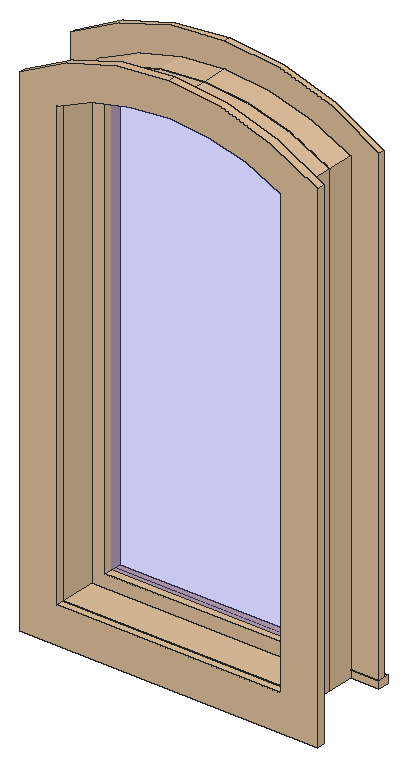
Revit family
Parameters (values of type "24" x 48"")
  Assembly Code = "B2020100"
  Glass Pane Material = Glass
  Height = 4' - 0"
  Radius = Width  # 2' - 0"
  Sash Material = Sash
  Default Sill Height = 3' - 0"
  Trim Exterior Material = Trim
  Trim Interior Material = Trim
  Trim Projection - Ext. = 0' - 0 1/2"
  Trim Projection - Int. = 0' - 0 3/4"
  Trim Width - Exterior = 0' - 3 1/2"
  Trim Width - Interior = 0' - 3 1/2"
  Wall Closure = (empty or 0)
  Width = 2' - 0"
Types (7): name | Height | Radius | Default Sill Height | Width
  (no name) | 4' - 0" | 2' - 0" | 3' - 0" | 2' - 0"
  24" x 24" | 2' - 0" | 2' - 0" | 3' - 0" | 2' - 0"
  24" x 60" | 5' - 0" | 2' - 0" | 2' - 0" | 2' - 0"
  24" x 48" | 4' - 0" | 2' - 0" | 3' - 0" | 2' - 0"
  72" x 48" | 4' - 0" | 6' - 0" | 1' - 0" | 6' - 0"
  36" x 48" | 4' - 0" | 3' - 0" | 2' - 0" | 3' - 0"
  30" x 60" | 5' - 0" | 2' - 6" | 2' - 0" | 2' - 6"
Reference planes (in)
  plane 1: y = 0
  plane 2 "Center": x = 0.47167
  plane 3 "Sill": z = 36
  plane 4: z = 60
  plane 5: x = 12.47167
  plane 6 "Right": x = -11.52833
  plane 7 "Top": z = 84
  plane 8: x = -10.27833
  plane 9: x = -10.77833
  plane 10: x = -13.77833
  plane 11: x = -14.27833
  plane 12: x = 11.22167
  plane 13: x = 11.72167
  plane 14: x = 14.72167
  plane 15: x = 15.22167
  plane 16: z = 86.75
  plane 17: z = 86.25
  plane 18: z = 83.25
  plane 19: z = 82.75
  plane 20: z = 37.25
  plane 21: z = 33.75
  plane 22 "Closure": y = 1.125
  plane 23: y = 0.5
Forms (in)
  Extrusion 1, solid, material "Sash" <- "Sash Material"
    sketch origin (0.47167, 0, 0) x (1, 0, 0) y (0, 0, 1)
      loop
        line (-12, 80.78461) -> (-12, 36) -> (12, 36) -> (12, 80.78461)
        arc (12, 80.78461) -> (6.21166, 83.18222) -> (0, 84) r 24
        arc (0, 84) -> (-6.21166, 83.18222) -> (-12, 80.78461) r 24
      loop
        line (-11.25, 80.43055) -> (-11.25, 36.75) -> (11.25, 36.75) -> (11.25, 80.43055)
        arc (11.25, 80.43055) -> (5.80796, 82.58843) -> (0, 83.32316) r 23.32316
        arc (0, 83.32316) -> (-5.80796, 82.58843) -> (-11.25, 80.43055) r 23.32316
    from -3 to -0.5
  Extrusion 2, solid, material "Sash" <- "Sash Material"
    sketch origin (0.47167, 0, 0) x (-1, 0, 0) y (0, 0, 1)
      loop
        line (-12, 80.78461) -> (-12, 36) -> (12, 36) -> (12, 80.78461)
        arc (12, 80.78461) -> (6.21166, 83.18222) -> (0, 84) r 24
        arc (0, 84) -> (-6.21166, 83.18222) -> (-12, 80.78461) r 24
      loop
        line (-10.75, 80.19222) -> (-10.75, 37.25) -> (10.75, 37.25) -> (10.75, 80.19222)
        arc (10.75, 80.19222) -> (5.53991, 82.19454) -> (0, 82.8755) r 22.8755
        arc (0, 82.8755) -> (-5.53991, 82.19454) -> (-10.75, 80.19222) r 22.8755
    from 0.5 to -3
  Extrusion 3, solid, material "Glass" <- "Glass Pane Material"
    sketch origin (-4.44843, 3, -4.60771) x (1, 0, 0) y (0, 0, 1)
      loop
        line (-4.5799, 84.04583) -> (-4.5799, 43.10771) -> (14.4201, 43.10771) -> (14.4201, 84.04583)
        arc (14.4201, 84.04583) -> (9.7955, 85.68663) -> (4.9201, 86.24311) r 21.6354
        arc (4.9201, 86.24311) -> (0.0447, 85.68663) -> (-4.5799, 84.04583) r 21.6354
    from 1.375 to 1.875
  Extrusion 4, solid, material "Trim" <- "Trim Interior Material"
    sketch origin (0.47167, 0, 0) x (1, 0, 0) y (0, 0, 1)
      loop
        line (-10.75, 80.04994) -> (-10.75, 37.25) -> (10.75, 37.25) -> (10.75, 80.04994)
        arc (10.75, 80.04994) -> (5.54195, 82.06466) -> (0, 82.75) r 22.75
        arc (0, 82.75) -> (-5.54195, 82.06466) -> (-10.75, 80.04994) r 22.75
      loop
        line (-14.25, 81.68116) -> (-14.25, 33.75) -> (14.25, 33.75) -> (14.25, 81.68116)
        arc (14.25, 81.68116) -> (7.4371, 84.85608) -> (0, 85.94485) r 25.94485
        arc (0, 85.94485) -> (-7.4371, 84.85608) -> (-14.25, 81.68116) r 25.94485
    from 3 to 3.75
  Extrusion 5, solid, material "Trim" <- "Trim Exterior Material"
    sketch origin (0.47167, 0, 0) x (-1, 0, 0) y (0, 0, 1)
      loop
        arc (-11.25, 80.34699) -> (-5.80926, 82.51255) -> (0, 83.25) r 23.25
        arc (0, 83.25) -> (5.80926, 82.51255) -> (11.25, 80.34699) r 23.25
        line (11.25, 80.34699) -> (11.25, 36.75) -> (14.75, 36.75) -> (14.75, 81.96622)
        arc (14.75, 81.96622) -> (7.70953, 85.31088) -> (0, 86.45898) r 26.45898
        arc (0, 86.45898) -> (-7.70953, 85.31088) -> (-14.75, 81.96622) r 26.45898
        line (-14.75, 81.96622) -> (-14.75, 36.75) -> (-11.25, 36.75) -> (-11.25, 80.34699)
    from 3 to 3.5
  Extrusion 6, solid, material "Trim" <- "Trim Exterior Material"
    sketch origin (0.47167, 0, 0) x (-1, 0, 0) y (0, 0, 1)
      loop
        line (-14.75, 36.75) -> (-14.75, 36) -> (14.75, 36) -> (14.75, 36.75) -> (-14.75, 36.75)
    from 3 to 4
  Extrusion 7, solid, material "Sash" <- "Sash Material"
    sketch origin (-60, 3, 0) x (-1, 0, 0) y (0, 0, 1)
      loop
        line (-71.72167, 80.34699) -> (-71.72167, 37.25) -> (-49.22167, 37.25) -> (-49.22167, 80.34699)
        arc (-49.22167, 80.34699) -> (-54.66241, 82.51255) -> (-60.47167, 83.25) r 23.25
        arc (-60.47167, 83.25) -> (-66.28092, 82.51255) -> (-71.72167, 80.34699) r 23.25
      loop
        line (-69.97167, 79.42654) -> (-69.97167, 38.5) -> (-50.97167, 38.5) -> (-50.97167, 79.42654)
        arc (-50.97167, 79.42654) -> (-55.59613, 81.06822) -> (-60.47167, 81.625) r 21.625
        arc (-60.47167, 81.625) -> (-65.3472, 81.06822) -> (-69.97167, 79.42654) r 21.625
    from -2.5 to -0.75
Lines and regions (in)
  Opening 1
    outline origin (-60, -3, 0) x (1, 0, 0) y (0, 0, 1)
      loop
        arc (60.47167, 84) -> (54.26001, 83.18222) -> (48.47167, 80.78461) r 24
        line (48.47167, 80.78461) -> (48.47167, 36) -> (72.47167, 36) -> (72.47167, 80.78461)
        arc (72.47167, 80.78461) -> (66.68332, 83.18222) -> (60.47167, 84) r 24
  symbolic lines, style "Windows"
    curve 1: line (-11.52833, 3, 0) -> (-10.77833, 3, 0)
    curve 2: line (-11.52833, -3, 0) -> (-10.27833, -3, 0)
    curve 3: line (-10.77833, 3, 0) -> (-10.77833, 0.5, 0)
    curve 4: line (-10.77833, 0.5, 0) -> (-9.02833, 0.5, 0)
    curve 5: line (-10.27833, -3, 0) -> (-10.27833, 0.5, 0)
    curve 6: line (-10.77833, 2.25, 0) -> (-9.02833, 2.25, 0)
    curve 7: line (-9.02833, 2.25, 0) -> (-9.02833, 0.5, 0)
    curve 8: line (9.97167, 2.25, 0) -> (9.97167, 0.5, 0)
    curve 9: line (11.72167, 3, 0) -> (12.47167, 3, 0)
    curve 10: line (11.22167, 0.5, 0) -> (11.22167, -3, 0)
    curve 11: line (9.97167, 0.5, 0) -> (11.72167, 0.5, 0)
    curve 12: line (11.72167, 3, 0) -> (11.72167, 0.5, 0)
    curve 13: line (11.22167, -3, 0) -> (12.47167, -3, 0)
    curve 14: line (9.97167, 2.25, 0) -> (11.72167, 2.25, 0)
    curve 15: line (-9.02833, 1.375, 0) -> (9.97167, 1.375, 0)
Text (in)
  text "Exterior" at (0, -43.09243, 105.28801), in view "Right"
  text "Exterior" at (-41.7001, 28.46503, 0), in view "Floor Line"
  text "Exterior" at (0, 23.27086, 99.42396), in view "Left"
Dimensions and locks (in)
  equal spacing: plane 6 "Right", plane 2 "Center", plane 5
  "Width": plane 6 "Right" to plane 5
  "Default Sill Height": host wall to plane 3 "Sill"
  "Height": plane 3 "Sill" to plane 7 "Top"
  "Radius": plane 4 to plane 7 "Top"
  locked: Extrusion 6 sketch curve to Extrusion 1 at 0.75
  locked: Extrusion 5 sketch curve to plane 7 "Top" at 0.75
  locked: Extrusion 4 sketch curve to plane 7 "Top" at 1.25
  locked: Extrusion 6 to Extrusion 5 at 0.5
  locked: Extrusion 3 to Extrusion 3 at 0.5
  "Trim Projection - Int.": Extrusion 4 to Extrusion 4
  "Trim Projection - Ext.": Extrusion 5 to Extrusion 5
  locked: plane 6 "Right" to plane 9 at 0.75
  locked: plane 6 "Right" to plane 8 at 1.25
  locked: plane 13 to plane 5 at 0.75
  locked: plane 12 to plane 5 at 1.25
  "Trim Width - Exterior": plane 15 to plane 13
  "Trim Width - Exterior": plane 9 to plane 11
  locked: plane 18 to plane 7 "Top" at 0.75
  "Trim Width - Exterior": plane 18 to plane 16
  locked: plane 7 "Top" to plane 19 at 1.25
  locked: plane 20 to plane 3 "Sill" at 1.25
  "Trim Width - Interior": plane 20 to plane 21
  "Trim Width - Interior": plane 14 to plane 12
  "Trim Width - Interior": plane 8 to plane 10
  "Trim Width - Interior": plane 17 to plane 19
  plane 4 to Extrusion 5 sketch curve = 0' - 0"
  plane 2 "Center" to Extrusion 5 sketch curve = 0' - 0"
  Extrusion 5 sketch curve to plane 2 "Center" = 0' - 0"
  Extrusion 5 sketch curve to plane 4 = 0' - 0"
  Extrusion 4 sketch curve to plane 4 = 0' - 0"  (x2)
  Extrusion 4 sketch curve to plane 2 "Center" = 0' - 0"  (x2)
  Opening 1 sketch curve to plane 2 "Center" = 0' - 0"
  Opening 1 sketch curve to plane 4 = 0' - 0"
  Extrusion 1 sketch curve to plane 4 = 0' - 0"  (x2)
  Extrusion 1 sketch curve to plane 2 "Center" = 0' - 0"  (x2)
  Extrusion 3 sketch curve to plane 4 = 0' - 0"
  Extrusion 3 sketch curve to plane 2 "Center" = 0' - 0"
  plane 19 to Extrusion 3 sketch curve = 0' - 1.1146"
  Extrusion 7 sketch curve to plane 2 "Center" = 0' - 0"  (x2)
  Extrusion 7 sketch curve to plane 4 = 0' - 0"  (x2)
  Extrusion 7 sketch curve to plane 19 = 0' - 1 1/8"
  Extrusion 7 sketch curve to Extrusion 7 sketch curve = 0' - 1 3/4"  (x2)
  locked: plane 22 "Closure" to host wall at 1.875
  locked: host wall to plane 23 at 2.5
  aligned and locked: plane 2 "Center" to Opening 1 sketch curve
  aligned and locked: Opening 1 sketch curve to plane 5
  aligned and locked: Opening 1 sketch curve to Opening 1 sketch curve
  aligned and locked: plane 3 "Sill" to Opening 1 sketch curve
  aligned and locked: Opening 1 sketch curve to plane 6 "Right"
  aligned and locked: Opening 1 sketch curve to plane 3 "Sill"
  aligned and locked: Extrusion 4 sketch curve to Extrusion 2  (x2)
  aligned and locked: Extrusion 5 sketch curve to Extrusion 1  (x2)
  aligned and locked: Extrusion 6 sketch curve to Extrusion 5  (x2)
  aligned and locked: plane 2 "Center" to Extrusion 5 sketch curve  (x2)
  aligned and locked: plane 2 "Center" to Extrusion 4 sketch curve  (x2)
  aligned and locked: Extrusion 4 sketch curve to Extrusion 4 sketch curve
  aligned and locked: plane 2 "Center" to Extrusion 1 sketch curve  (x2)
  aligned and locked: plane 5 to Extrusion 1 sketch curve
  aligned and locked: Extrusion 1 sketch curve to plane 6 "Right"
  aligned and locked: plane 2 "Center" to Extrusion 2 sketch curve  (x2)
  aligned and locked: Extrusion 5 to host wall
  aligned and locked: Extrusion 6 to host wall
  aligned and locked: host wall to Extrusion 1
  aligned and locked: Extrusion 4 to host wall
  aligned and locked: host wall to Extrusion 2
  aligned and locked: Extrusion 1 to Extrusion 2
  aligned and locked: curve 1 to Extrusion 1  (x2)
  aligned and locked: Extrusion 2 to curve 2
  aligned and locked: curve 2 to Extrusion 2
  aligned and locked: curve 3 to Extrusion 1
  aligned and locked: Extrusion 1 to curve 4
  aligned and locked: curve 5 to Extrusion 2
  aligned and locked: curve 9 to Extrusion 1
  aligned and locked: curve 10 to Extrusion 2  (x2)
  aligned and locked: curve 12 to Extrusion 1
  aligned and locked: Extrusion 2 to curve 13
  aligned and locked: plane 23 to Extrusion 2
  aligned and locked: plane 22 "Closure" to Extrusion 3
Automatic sketch dimensions
  Opening 1 sketch curve to plane 7 "Top" = 0' - 0"
  plane 6 "Right" to Extrusion 1 sketch curve = 0' - 0 3/4"
  Extrusion 1 sketch curve to plane 5 = 0' - 0 3/4"
  Extrusion 1 sketch curve to plane 3 "Sill" = 0' - 0"
  Extrusion 1 sketch curve to plane 4 = 0' - 0"  (x2)
  Extrusion 1 sketch curve to plane 7 "Top" = 0' - 0"
  Extrusion 1 sketch curve to plane 3 "Sill" = 0' - 0 3/4"
  Extrusion 1 sketch curve to Extrusion 1 sketch curve = 0' - 0.35406"
  Extrusion 2 sketch curve to plane 3 "Sill" = 0' - 0"
  Extrusion 2 sketch curve to plane 5 = 0' - 0"
  Extrusion 2 sketch curve to plane 6 "Right" = 0' - 0"
  Extrusion 2 sketch curve to plane 5 = 0' - 1 1/4"
  plane 6 "Right" to Extrusion 2 sketch curve = 0' - 1 1/4"
  Extrusion 2 sketch curve to plane 4 = 0' - 0"  (x4)
  Extrusion 2 sketch curve to plane 7 "Top" = 0' - 0"
  Extrusion 2 sketch curve to plane 3 "Sill" = 0' - 1 1/4"
  Extrusion 2 sketch curve to Extrusion 2 sketch curve = 0' - 0.59239"
  curve 9 to plane 5 = 0' - 0"
  curve 13 to plane 5 = 0' - 0"
  curve 8 to curve 15 = 0' - 0 7/8"
  curve 15 to curve 7 = 0' - 0 7/8"
  Extrusion 6 sketch curve to plane 11 = 0' - 0"
  Extrusion 4 sketch curve to plane 10 = 0' - 0"
  Extrusion 4 sketch curve to plane 14 = 0' - 0"
  Extrusion 4 sketch curve to plane 21 = 0' - 0"
  Extrusion 4 sketch curve to plane 4 = 0' - 0"  (x2)
  Extrusion 4 sketch curve to Extrusion 4 sketch curve = 0' - 1.63122"
  Extrusion 5 sketch curve to plane 15 = 0' - 0"
  Extrusion 5 sketch curve to plane 13 = 0' - 0"
  Extrusion 5 sketch curve to plane 11 = 0' - 0"
  Extrusion 5 sketch curve to plane 4 = 0' - 0"  (x2)
  Extrusion 5 sketch curve to plane 3 "Sill" = 0' - 0 3/4"
  Extrusion 5 sketch curve to Extrusion 5 sketch curve = 0' - 1.61923"
  Extrusion 3 sketch curve to plane 4 = 0' - 0"
  plane 8 to curve 6 = 0' - 1 1/4"
  curve 8 to host wall = 0' - 0 3/4"
  curve 8 to plane 12 = 0' - 1 1/4"
  plane 6 "Right" to Extrusion 3 sketch curve = 0' - 2 1/2"
  Extrusion 3 sketch curve to plane 5 = 0' - 2 1/2"
  Extrusion 3 sketch curve to plane 3 "Sill" = 0' - 2 1/2"
  Extrusion 7 sketch curve to plane 13 = 0' - 0"
  Extrusion 7 sketch curve to plane 9 = 0' - 0"
  Extrusion 7 sketch curve to plane 4 = 0' - 0"  (x2)
  Extrusion 7 sketch curve to plane 20 = 0' - 0"
  Extrusion 7 sketch curve to plane 18 = 0' - 0"
  Extrusion 7 sketch curve to Extrusion 7 sketch curve = 0' - 1 1/4"
